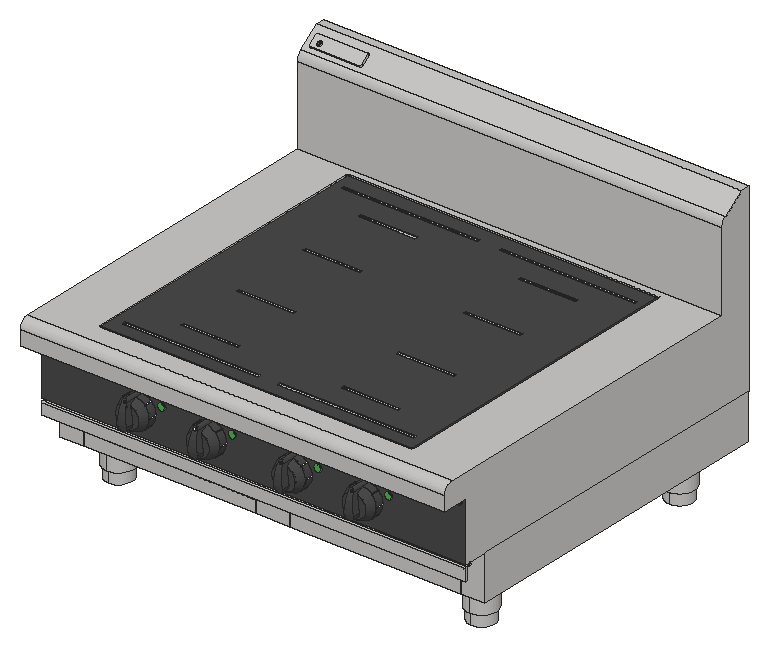
Revit family "QF_Moffat_INB8400F-B_Induction_Cooktop_cat", category Specialty Equipment, Revit 2019
Family settings
  Round Connector Dimension = Use Diameter
  Part Type = Normal
  Work Plane-Based = No
  Always vertical = Yes
  Cut with Voids When Loaded = No
  Shared = No
  Room Calculation Point = No
Parameters (values of type "INB8400F-B_415/60/3")
  Weight in Kilograms = 105
  Watts = 20000 W
  Volts = 415 V
  URL Cutsheet = ""
  Specification by User = ""
  Specification by Manufacturer = ""
  Show Logo [instance] = yes
  Serial Number = ""
  Seismic Rating = ""
  SMACNA No = ""
  Revision Code = ""
  Phase = 3
  Number of Poles = 1
  NAFEM Spec ID Number = ""
  Model = "INB8400F-B"
  Min Ckt Ampacity = 0 A
  Max Overcurrent Protection = 0 A
  Masterspec = ""
  Manufacturer = "Moffat"
  Length = 900 mm
  Item Number = ""
  Installed By = ""
  Identify Quantity as Lot = yes
  Height = 570 mm
  HP = ""
  Furnished By = ""
  Foodservice Equipment Identifier = yes
  FL Amps = 28 A
  Electrical Remarks = ""
  Electric Connection Type = ""
  Elec Conn RI Height = 0 mm
  Elec Conn Connection Height = 0 mm
  Description = "Induction Cooktop"
  Depth = 805 mm
  Cycle = 60 Hz
  Conn Plug = ""
  Conn Conduit = yes
  CSI MasterFormat = ""
  Apparent Power = 19376 VA
Types (2, lengths in mm): name | Volts | Cycle
  INB8400F-B_415/60/3 | 415 V | 60 Hz
  INB8400F-B_400/50/3 | 400 V | 50 Hz
Reference planes
  plane 1 "BACK": y = 0
  plane 2: z = 0
  plane 3 "LEFT": x = 0
  plane 4 "RIGHT": x = 900
  plane 5 "FRONT": y = -805
  plane 6 "TOP": z = 570
  plane 7 "Center Y": x = 450
  plane 8 "Center X": y = -402.5
  plane 9: x = 65.5
  plane 10: y = -30
  plane 11: x = 770
  plane 12: z = 85
  plane 13: y = -100
  plane 14: y = -625
  plane 15: y = -70
  plane 16: z = 355
  plane 17: z = 75
  plane 18: x = 834.5
Forms (mm)
  Extrusion 1, solid, material "QF_Metal_Stainless_Polished"
    sketch origin (0, 0, 0) x (0, 1, 0) y (0, 0, 1)
      loop
        line (0, 180) -> (0, 570) -> (-18.182, 570) -> (-60.863, 538.99)
        arc (-60.863, 538.99) -> (-67.584, 531.121) -> (-70, 521.058) r 22.165
        line (-70, 521.058) -> (-70, 355) -> (-784.417, 355)
        arc (-784.417, 355) -> (-798.971, 348.971) -> (-805, 334.417) r 20.583
        line (-805, 334.417) -> (-805, 305) -> (-749, 305) -> (-749, 180) -> (0, 180)
    from 0 to 900
  Extrusion 2, void
    sketch origin (0, -784.171, 355) x (0, 1, 0) y (-1, 0, 0)
      loop
        arc (699.341, -122.382) -> (697.584, -118.139) -> (693.341, -116.382) r 6
        line (693.341, -116.382) -> (45.245, -116.382)
        arc (45.245, -116.382) -> (41.002, -118.139) -> (39.245, -122.382) r 6
        line (39.245, -122.382) -> (39.245, -777.618)
        arc (39.245, -777.618) -> (41.002, -781.861) -> (45.245, -783.618) r 6
        line (45.245, -783.618) -> (693.341, -783.618)
        arc (693.341, -783.618) -> (697.584, -781.861) -> (699.341, -777.618) r 6
        line (699.341, -777.618) -> (699.341, -122.382)
    from 0 to -9.5
  Extrusion 3, solid, material "QF_Plastic_Black_Smooth"
    sketch origin (0, -784.171, 355) x (0, 1, 0) y (-1, 0, 0)
      loop
        line (695.341, -777.618) -> (695.341, -122.382)
        arc (695.341, -122.382) -> (694.755, -120.968) -> (693.341, -120.382) r 2
        line (693.341, -120.382) -> (45.245, -120.382)
        arc (45.245, -120.382) -> (43.831, -120.968) -> (43.245, -122.382) r 2
        line (43.245, -122.382) -> (43.245, -777.618)
        arc (43.245, -777.618) -> (43.831, -779.032) -> (45.245, -779.618) r 2
        line (45.245, -779.618) -> (693.341, -779.618)
        arc (693.341, -779.618) -> (694.755, -779.032) -> (695.341, -777.618) r 2
      loop
        line (663.444, -138.924) -> (657.444, -138.924) -> (657.444, -426.076) -> (663.444, -426.076) -> (663.444, -138.924)
      loop
        line (78.838, -141.424) -> (72.838, -141.424) -> (72.838, -428.576) -> (78.838, -428.576) -> (78.838, -141.424)
      loop
        line (663.444, -761.076) -> (663.444, -473.924) -> (657.444, -473.924) -> (657.444, -761.076) -> (663.444, -761.076)
      loop
        line (78.838, -758.576) -> (78.838, -471.424) -> (72.838, -471.424) -> (72.838, -758.576) -> (78.838, -758.576)
      loop
        line (600.671, -220) -> (600.671, -340) -> (606.671, -340) -> (606.671, -220) -> (600.671, -220)
      loop
        line (454.421, -220) -> (454.421, -340) -> (460.421, -340) -> (460.421, -220) -> (454.421, -220)
      loop
        line (283.728, -340) -> (283.728, -220) -> (277.728, -220) -> (277.728, -340) -> (283.728, -340)
      loop
        line (136.404, -340) -> (136.404, -220) -> (130.404, -220) -> (130.404, -340) -> (136.404, -340)
      loop
        line (600.671, -680) -> (606.671, -680) -> (606.671, -560) -> (600.671, -560) -> (600.671, -680)
      loop
        line (454.421, -680) -> (460.421, -680) -> (460.421, -560) -> (454.421, -560) -> (454.421, -680)
      loop
        line (283.728, -560) -> (277.728, -560) -> (277.728, -680) -> (283.728, -680) -> (283.728, -560)
      loop
        line (136.404, -560) -> (130.404, -560) -> (130.404, -680) -> (136.404, -680) -> (136.404, -560)
    from 0 to -9.5
  Extrusion 4, solid, material "QF_Metal_Stainless_Polished"
    sketch origin (0, 0, 40) x (0, 1, 0) y (0, 0, 1)
      loop
        line (-739.467, 140) -> (-738.192, 134.838)
        arc (-738.192, 134.838) -> (-738.307, 134.302) -> (-738.799, 134.063) r 0.625
        line (-738.799, 134.063) -> (-746.111, 134.063)
        arc (-746.111, 134.063) -> (-748.011, 133.276) -> (-748.797, 131.377) r 2.686
        line (-748.797, 131.377) -> (-748.797, 107.627) -> (-747.197, 107.627) -> (-747.197, 131.242)
        arc (-747.197, 131.242) -> (-746.84, 132.105) -> (-745.976, 132.463) r 1.221
        line (-745.976, 132.463) -> (-738.755, 132.463)
        arc (-738.755, 132.463) -> (-737.028, 133.304) -> (-736.625, 135.182) r 2.194
        line (-736.625, 135.182) -> (-737.815, 140) -> (-739.467, 140)
    from 0 to 900
  Extrusion 5, solid, material "QF_Plastic_Black_Smooth"
    sketch origin (0, -749, 181.875) x (0, 0, 1) y (-1, 0, 0)
      loop
        circle (112.843, -13.157) r 5
      loop
        circle (112.843, -886.843) r 5
    from 0 to 1.6
  Extrusion 6, solid, material "QF_Metal_Stainless_Polished"
    sketch origin (450, -699, 85) x (0, 1, 0) y (1, 0, 0)
      loop
        circle (669, 320) r 6.35
    from 0 to 10
  Extrusion 7, solid, material "QF_Metal_Stainless_Polished"
    sketch origin (0, -699, 85) x (1, 0, 0) y (0, -1, 0)
      loop
        line (0, -699) -> (900, -699) -> (900, 0) -> (849.2, 0) -> (849.2, -25.4) -> (485.8, -25.4) -> (485.8, 0) -> (414.2, 0) -> (414.2, -25.4) -> (50.8, -25.4) -> (50.8, 0) -> (0, 0) -> (0, -699)
    from 0 to -95
  Extrusion 8, solid, material "QF_Metal_Stainless_Polished"
    sketch origin (50.8, -30, 85) x (0, 1, 0) y (0, 0, 1)
      loop
        line (-669, 0) -> (-643.6, 0) -> (-643.6, 26.45) -> (-669, 26.45) -> (-669, 0)
      loop
        line (-669, 32.45) -> (-643.6, 32.45) -> (-643.6, 66.4) -> (-669, 66.4) -> (-669, 32.45)
      loop
        line (-669, 67.4) -> (-643.6, 67.4) -> (-643.6, 95) -> (-669, 95) -> (-669, 67.4)
    from 0 to 363.4
  Revolve 9, solid, material "QF_Metal_Stainless_Polished"
    sketch origin (65.5, -4572, -304.8) x (0, 0, -1) y (0, -1, 0)
      loop
        line (-304.8, -4499.5) -> (-304.8, -4472) -> (-389.8, -4472) -> (-389.8, -4503.75) -> (-329.8, -4503.75) -> (-329.8, -4499.5) -> (-304.8, -4499.5)
      axis (-389.8, -4472) -> (-304.8, -4472)
    angle from 0 to 360
  Revolve 10, solid, material "QF_Metal_Stainless_Polished"
    sketch origin (65.5, -4572, -304.8) x (0, 0, -1) y (0, -1, 0)
      loop
        line (-304.8, -3974.5) -> (-304.8, -3947) -> (-389.8, -3947) -> (-389.8, -3978.75) -> (-329.8, -3978.75) -> (-329.8, -3974.5) -> (-304.8, -3974.5)
      axis (-389.8, -3947) -> (-304.8, -3947)
    angle from 0 to 360
  Revolve 11, solid, material "QF_Metal_Stainless_Polished"
    sketch origin (834.5, -4572, -304.8) x (0, 0, -1) y (0, 1, 0)
      loop
        line (-304.8, 4499.5) -> (-329.8, 4499.5) -> (-329.8, 4503.75) -> (-389.8, 4503.75) -> (-389.8, 4472) -> (-304.8, 4472) -> (-304.8, 4499.5)
      axis (-389.8, 4472) -> (-304.8, 4472)
    angle from 0 to 360
  Revolve 12, solid, material "QF_Metal_Stainless_Polished"
    sketch origin (834.5, -4572, -304.8) x (0, 0, -1) y (0, 1, 0)
      loop
        line (-304.8, 3974.5) -> (-329.8, 3974.5) -> (-329.8, 3978.75) -> (-389.8, 3978.75) -> (-389.8, 3947) -> (-304.8, 3947) -> (-304.8, 3974.5)
      axis (-389.8, 3947) -> (-304.8, 3947)
    angle from 0 to 360
  Extrusion 13, solid, material "QF_Metal_Stainless_Polished"
    sketch origin (900, 0, 0) x (-1, 0, 0) y (0, -1, 0)
      loop
        line (761.076, 126.726) -> (473.924, 126.726) -> (473.924, 120.726) -> (761.076, 120.726) -> (761.076, 126.726)
      loop
        line (680, 183.5) -> (560, 183.5) -> (560, 177.5) -> (680, 177.5) -> (680, 183.5)
      loop
        line (680, 329.75) -> (560, 329.75) -> (560, 323.75) -> (680, 323.75) -> (680, 329.75)
      loop
        line (680, 506.443) -> (560, 506.443) -> (560, 500.443) -> (680, 500.443) -> (680, 506.443)
      loop
        line (680, 653.766) -> (560, 653.766) -> (560, 647.766) -> (680, 647.766) -> (680, 653.766)
      loop
        line (758.576, 711.333) -> (471.424, 711.333) -> (471.424, 705.333) -> (758.576, 705.333) -> (758.576, 711.333)
      loop
        line (138.924, 126.726) -> (138.924, 120.726) -> (426.076, 120.726) -> (426.076, 126.726) -> (138.924, 126.726)
      loop
        line (220, 183.5) -> (220, 177.5) -> (340, 177.5) -> (340, 183.5) -> (220, 183.5)
      loop
        line (220, 329.75) -> (220, 323.75) -> (340, 323.75) -> (340, 329.75) -> (220, 329.75)
      loop
        line (220, 506.443) -> (220, 500.443) -> (340, 500.443) -> (340, 506.443) -> (220, 506.443)
      loop
        line (220, 653.766) -> (220, 647.766) -> (340, 647.766) -> (340, 653.766) -> (220, 653.766)
      loop
        line (141.424, 711.333) -> (141.424, 705.333) -> (428.576, 705.333) -> (428.576, 711.333) -> (141.424, 711.333)
    from 355 to 345.5
  Extrusion 14, solid, material "QF_Paint_Green"
    sketch origin (123.231, -748.999, 153.75) x (0, 0, 1) y (-1, 0, 0)
      loop
        circle (100.3, -282.5) r 7.15
    from 0 to 1.6
  Extrusion 15, solid, material "QF_Plastic_Black_Smooth"
    sketch origin (135, -748.999, 165.625) x (0, 0, 1) y (-1, 0, 0)
      loop
        circle (112.843, -225) r 5
    from 0 to 1.6
  Extrusion 16, solid, material "QF_Paint_Green"
    sketch origin (-26.769, -748.999, 153.75) x (0, 0, 1) y (-1, 0, 0)
      loop
        circle (100.3, -282.5) r 7.15
    from 0 to 1.6
  Extrusion 17, solid, material "QF_Plastic_Black_Smooth"
    sketch origin (-15, -748.999, 165.625) x (0, 0, 1) y (-1, 0, 0)
      loop
        circle (112.843, -225) r 5
    from 0 to 1.6
  Extrusion 18, solid, material "QF_Paint_Green"
    sketch origin (454.481, -748.999, 153.75) x (0, 0, 1) y (-1, 0, 0)
      loop
        circle (100.3, -282.5) r 7.15
    from 0 to 1.6
  Extrusion 19, solid, material "QF_Plastic_Black_Smooth"
    sketch origin (466.25, -748.999, 165.625) x (0, 0, 1) y (-1, 0, 0)
      loop
        circle (112.843, -225) r 5
    from 0 to 1.6
  Extrusion 20, solid, material "QF_Paint_Green"
    sketch origin (304.481, -748.999, 153.75) x (0, 0, 1) y (-1, 0, 0)
      loop
        circle (100.3, -282.5) r 7.15
    from 0 to 1.6
  Extrusion 21, solid, material "QF_Plastic_Black_Smooth"
    sketch origin (316.25, -748.999, 165.625) x (0, 0, 1) y (-1, 0, 0)
      loop
        circle (112.843, -225) r 5
    from 0 to 1.6
  Extrusion 22, solid, material "QF_Metal_Stainless_Polished"
    sketch origin (849.2, -30, 85) x (0, 1, 0) y (0, 0, -1)
      loop
        line (-669, 0) -> (-669, -26.45) -> (-643.6, -26.45) -> (-643.6, 0) -> (-669, 0)
      loop
        line (-669, -32.45) -> (-669, -66.4) -> (-643.6, -66.4) -> (-643.6, -32.45) -> (-669, -32.45)
      loop
        line (-669, -67.4) -> (-669, -95) -> (-643.6, -95) -> (-643.6, -67.4) -> (-669, -67.4)
    from 0 to 363.4
Cuts and joins
  Extrusion 2 cuts Extrusion 1
Lines and regions (mm)
  symbolic lines
    curve 1: line (0, 0, 0) -> (900, 0, 0)
    curve 2: line (0, -805, 0) -> (0, 0, 0)
    curve 3: line (900, -805, 0) -> (0, -805, 0)
    curve 4: line (900, 0, 0) -> (900, -805, 0)
    curve 5: line (0, -18.182, 0) -> (900, -18.182, 0)
    curve 6: line (0, -70, 0) -> (900, -70, 0)
    curve 7: line (122.382, -84.83, 0) -> (777.618, -84.83, 0)
    curve 8: arc (777.618, -84.83, 0) -> (781.861, -86.587, 0) -> (783.618, -90.83, 0) r 6
    curve 9: line (783.618, -90.83, 0) -> (783.618, -738.926, 0)
    curve 10: arc (783.618, -738.926, 0) -> (781.861, -743.168, 0) -> (777.618, -744.926, 0) r 6
    curve 11: line (777.618, -744.926, 0) -> (122.382, -744.926, 0)
    curve 12: arc (122.382, -744.926, 0) -> (118.139, -743.168, 0) -> (116.382, -738.926, 0) r 6
    curve 13: line (116.382, -738.926, 0) -> (116.382, -90.83, 0)
    curve 14: arc (116.382, -90.83, 0) -> (118.139, -86.587, 0) -> (122.382, -84.83, 0) r 6
    curve 15: line (777.618, -88.83, 0) -> (122.382, -88.83, 0)
    curve 16: arc (122.382, -88.83, 0) -> (120.968, -89.415, 0) -> (120.382, -90.83, 0) r 2
    curve 17: line (120.382, -90.83, 0) -> (120.382, -738.926, 0)
    curve 18: arc (120.382, -738.926, 0) -> (120.968, -740.34, 0) -> (122.382, -740.926, 0) r 2
    curve 19: line (122.382, -740.926, 0) -> (777.618, -740.926, 0)
    curve 20: arc (777.618, -740.926, 0) -> (779.032, -740.34, 0) -> (779.618, -738.926, 0) r 2
    curve 21: line (779.618, -738.926, 0) -> (779.618, -90.83, 0)
    curve 22: arc (779.618, -90.83, 0) -> (779.032, -89.415, 0) -> (777.618, -88.83, 0) r 2
    curve 23: line (783.618, -738.926, 0) -> (783.618, -90.83, 0)
    curve 24: line (779.618, -90.83, 0) -> (779.618, -738.926, 0)
    curve 25: line (138.924, -126.726, 0) -> (426.076, -126.726, 0)
    curve 26: line (426.076, -126.726, 0) -> (426.076, -120.726, 0)
    curve 27: line (426.076, -120.726, 0) -> (138.924, -120.726, 0)
    curve 28: line (138.924, -120.726, 0) -> (138.924, -126.726, 0)
    curve 29: line (220, -183.5, 0) -> (340, -183.5, 0)
    curve 30: line (340, -183.5, 0) -> (340, -177.5, 0)
    curve 31: line (340, -177.5, 0) -> (220, -177.5, 0)
    curve 32: line (220, -177.5, 0) -> (220, -183.5, 0)
    curve 33: line (220, -329.75, 0) -> (340, -329.75, 0)
    curve 34: line (340, -329.75, 0) -> (340, -323.75, 0)
    curve 35: line (340, -323.75, 0) -> (220, -323.75, 0)
    curve 36: line (220, -323.75, 0) -> (220, -329.75, 0)
    curve 37: line (220, -506.443, 0) -> (340, -506.443, 0)
    curve 38: line (340, -506.443, 0) -> (340, -500.443, 0)
    curve 39: line (340, -500.443, 0) -> (220, -500.443, 0)
    curve 40: line (220, -500.443, 0) -> (220, -506.443, 0)
    curve 41: line (220, -653.766, 0) -> (340, -653.766, 0)
    curve 42: line (340, -653.766, 0) -> (340, -647.766, 0)
    curve 43: line (340, -647.766, 0) -> (220, -647.766, 0)
    curve 44: line (220, -647.766, 0) -> (220, -653.766, 0)
    curve 45: line (141.424, -711.333, 0) -> (428.576, -711.333, 0)
    curve 46: line (428.576, -711.333, 0) -> (428.576, -705.333, 0)
    curve 47: line (428.576, -705.333, 0) -> (141.424, -705.333, 0)
    curve 48: line (141.424, -705.333, 0) -> (141.424, -711.333, 0)
    curve 49: line (471.424, -711.333, 0) -> (758.576, -711.333, 0)
    curve 50: line (758.576, -711.333, 0) -> (758.576, -705.333, 0)
    curve 51: line (758.576, -705.333, 0) -> (471.424, -705.333, 0)
    curve 52: line (471.424, -705.333, 0) -> (471.424, -711.333, 0)
    curve 53: line (680, -653.766, 0) -> (560, -653.766, 0)
    curve 54: line (560, -653.766, 0) -> (560, -647.766, 0)
    curve 55: line (560, -647.766, 0) -> (680, -647.766, 0)
    curve 56: line (680, -647.766, 0) -> (680, -653.766, 0)
    curve 57: line (560, -506.443, 0) -> (680, -506.443, 0)
    curve 58: line (680, -506.443, 0) -> (680, -500.443, 0)
    curve 59: line (680, -500.443, 0) -> (560, -500.443, 0)
    curve 60: line (560, -500.443, 0) -> (560, -506.443, 0)
    curve 61: line (560, -329.75, 0) -> (680, -329.75, 0)
    curve 62: line (680, -329.75, 0) -> (680, -323.75, 0)
    curve 63: line (680, -323.75, 0) -> (560, -323.75, 0)
    curve 64: line (560, -323.75, 0) -> (560, -329.75, 0)
    curve 65: line (680, -177.5, 0) -> (560, -177.5, 0)
    curve 66: line (560, -177.5, 0) -> (560, -183.5, 0)
    curve 67: line (560, -183.5, 0) -> (680, -183.5, 0)
    curve 68: line (680, -183.5, 0) -> (680, -177.5, 0)
    curve 69: line (473.924, -126.726, 0) -> (761.076, -126.726, 0)
    curve 70: line (761.076, -126.726, 0) -> (761.076, -120.726, 0)
    curve 71: line (761.076, -120.726, 0) -> (473.924, -120.726, 0)
    curve 72: line (473.924, -120.726, 0) -> (473.924, -126.726, 0)
Dimensions and locks
  equal spacing: plane 3 "LEFT", plane 7 "Center Y", plane 4 "RIGHT"
  "Length": plane 3 "LEFT" to plane 4 "RIGHT"
  equal spacing: plane 5 "FRONT", plane 8 "Center X", plane 1 "BACK"
  "Depth": plane 5 "FRONT" to plane 1 "BACK"
  "Height": plane 6 "TOP" to level
  plane 4 "RIGHT" to plane 3 "LEFT" = 900 mm
  plane 1 "BACK" to plane 5 "FRONT" = 805 mm
  plane 6 "TOP" to plane 2 = 570 mm
  locked: plane 11 to plane 4 "RIGHT" at 130
  plane 1 "BACK" to plane 10 = 30 mm
  plane 1 "BACK" to plane 13 to plane 14 = 100 mm, 525 mm
  plane 1 "BACK" to plane 15 = 70 mm
  plane 16 to level = 355 mm
  level to plane 12 = 85 mm
  plane 17 to level = 75 mm
  plane 11 to plane 4 "RIGHT" = 130 mm
  plane 18 to plane 9 = 769 mm
  locked: plane 4 "RIGHT" to plane 18 at 65.5
  aligned and locked: level to plane 2
  aligned and locked: plane 18 to Revolve 12
  aligned and locked: plane 18 to Revolve 11
  aligned and locked: Extrusion 7 sketch curve to plane 4 "RIGHT"
  aligned and locked: Extrusion 4 to plane 4 "RIGHT"
  aligned and locked: Extrusion 22 to Extrusion 7  (x2)
Automatic sketch dimensions
  Extrusion 1 sketch curve to plane 5 "FRONT" = 0 mm
  Extrusion 1 sketch curve to plane 16 = 0 mm
  Extrusion 1 sketch curve to plane 15 = 0 mm
  Extrusion 1 sketch curve to plane 6 "TOP" = 0 mm
  Extrusion 1 sketch curve to plane 1 "BACK" = 0 mm
  Extrusion 1 sketch curve to plane 5 "FRONT" = 20.583 mm
  Extrusion 1 sketch curve to plane 5 "FRONT" = 56 mm
  Extrusion 1 sketch curve to plane 15 = 9.137 mm
  plane 10 to Extrusion 1 sketch curve = 17.835 mm
  Extrusion 1 sketch curve to plane 10 = 11.818 mm
  Extrusion 1 sketch curve to Extrusion 1 sketch curve = 29.417 mm
  Extrusion 1 sketch curve to plane 12 = 95 mm
  Extrusion 1 sketch curve to plane 6 "TOP" = 48.942 mm
  Extrusion 2 sketch curve to Extrusion 1 = 39.492 mm
  Extrusion 2 sketch curve to Extrusion 2 sketch curve = 6 mm  (x3)
  Extrusion 1 to Extrusion 2 sketch curve = 20.83 mm  (x2)
  Extrusion 1 to Extrusion 2 sketch curve = 116.382 mm
  Extrusion 1 to Extrusion 2 sketch curve = 122.382 mm
  Extrusion 3 sketch curve to Extrusion 1 = 43.492 mm
  Extrusion 3 sketch curve to Extrusion 3 sketch curve = 2 mm  (x3)
  Extrusion 3 sketch curve to Extrusion 1 = 73.085 mm
  Extrusion 3 sketch curve to Extrusion 3 sketch curve = 0 mm  (x5)
  Extrusion 3 sketch curve to Extrusion 3 sketch curve = 6 mm  (x12)
  Extrusion 3 sketch curve to Extrusion 3 sketch curve = 51.566 mm  (x2)
  Extrusion 3 sketch curve to Extrusion 3 sketch curve = 141.323 mm  (x2)
  Extrusion 3 sketch curve to Extrusion 3 sketch curve = 170.693 mm  (x2)
  Extrusion 1 to Extrusion 3 sketch curve = 113.5 mm  (x2)
  Extrusion 1 to Extrusion 3 sketch curve = 56.726 mm
  Extrusion 1 to Extrusion 3 sketch curve = 20.83 mm  (x2)
  Extrusion 1 to Extrusion 3 sketch curve = 120.382 mm
  Extrusion 3 sketch curve to Extrusion 3 sketch curve = 16.542 mm
  Extrusion 3 sketch curve to Extrusion 3 sketch curve = 19.042 mm  (x2)
  Extrusion 3 sketch curve to Extrusion 3 sketch curve = 81.076 mm  (x2)
  Extrusion 3 sketch curve to Extrusion 3 sketch curve = 78.576 mm  (x3)
  Extrusion 3 sketch curve to Extrusion 3 sketch curve = 120 mm  (x8)
  Extrusion 3 sketch curve to Extrusion 3 sketch curve = 86.076 mm  (x2)
  Extrusion 3 sketch curve to Extrusion 3 sketch curve = 88.576 mm  (x2)
  Extrusion 3 sketch curve to Extrusion 3 sketch curve = 42.848 mm
  Extrusion 3 sketch curve to Extrusion 3 sketch curve = 47.848 mm
  Extrusion 4 sketch curve to plane 5 "FRONT" = 56.203 mm
  Extrusion 4 sketch curve to Extrusion 4 sketch curve = 1.6 mm
  Extrusion 4 sketch curve to Extrusion 4 sketch curve = 1.086 mm
  Extrusion 4 sketch curve to Extrusion 4 sketch curve = 0.135 mm  (x2)
  Extrusion 4 sketch curve to Extrusion 4 sketch curve = 6.644 mm
  Extrusion 4 sketch curve to Extrusion 4 sketch curve = 0.668 mm
  Extrusion 4 sketch curve to Extrusion 4 sketch curve = 0.044 mm
  Extrusion 4 sketch curve to Extrusion 4 sketch curve = 0.563 mm
  Extrusion 4 sketch curve to Extrusion 4 sketch curve = 1.652 mm
  Extrusion 4 sketch curve to Extrusion 4 sketch curve = 1.567 mm
  Extrusion 4 sketch curve to plane 12 = 62.627 mm
  Extrusion 4 sketch curve to Extrusion 4 sketch curve = 23.614 mm
  Extrusion 4 sketch curve to Extrusion 4 sketch curve = 0.594 mm
  Extrusion 4 sketch curve to Extrusion 4 sketch curve = 0.032 mm
  Extrusion 4 sketch curve to Extrusion 4 sketch curve = 5.162 mm
  Extrusion 1 to Extrusion 5 sketch curve = 10.282 mm  (x2)
  Extrusion 1 to Extrusion 5 sketch curve = 13.157 mm  (x2)
  Extrusion 7 to Extrusion 6 sketch curve = 30 mm
  Extrusion 6 sketch curve to Extrusion 7 = 79.2 mm
  Extrusion 7 sketch curve to plane 3 "LEFT" = 0 mm
  plane 1 "BACK" to Extrusion 7 sketch curve = 0 mm
  plane 9 to Extrusion 7 sketch curve = 14.7 mm
  Extrusion 7 sketch curve to plane 7 "Center Y" = 35.8 mm
  plane 7 "Center Y" to Extrusion 7 sketch curve = 35.8 mm
  plane 18 to Extrusion 7 sketch curve = 14.7 mm
  plane 14 to Extrusion 7 sketch curve = 48.6 mm  (x2)
  Extrusion 7 sketch curve to Extrusion 7 sketch curve = 25.4 mm  (x3)
  Extrusion 8 sketch curve to Extrusion 7 = 0 mm  (x8)
  Extrusion 7 to Extrusion 8 sketch curve = 26.45 mm
  Extrusion 8 sketch curve to Extrusion 8 sketch curve = 6 mm
  Extrusion 7 to Extrusion 8 sketch curve = 28.6 mm
  Extrusion 8 sketch curve to Extrusion 8 sketch curve = 1 mm
  plane 12 to Revolve 9 sketch curve = 0 mm
  Revolve 9 sketch curve to level = 0 mm  (x2)
  Revolve 9 sketch curve to plane 13 = 0 mm  (x2)
  plane 15 to Revolve 9 sketch curve = 2.5 mm
  level to Revolve 9 sketch curve = 25 mm
  Revolve 9 sketch curve to plane 15 = 1.75 mm
  Revolve 9 sketch curve to Revolve 9 sketch curve = 25 mm
  plane 12 to Revolve 10 sketch curve = 0 mm
  Revolve 10 sketch curve to level = 0 mm  (x2)
  Revolve 10 sketch curve to plane 14 = 0 mm  (x2)
  level to Revolve 10 sketch curve = 25 mm
  Revolve 10 sketch curve to Revolve 10 sketch curve = 27.5 mm
  Revolve 10 sketch curve to Revolve 10 sketch curve = 31.75 mm
  Revolve 10 sketch curve to Revolve 10 sketch curve = 25 mm
  plane 12 to Revolve 11 sketch curve = 0 mm
  Revolve 11 sketch curve to level = 0 mm  (x2)
  Revolve 11 sketch curve to plane 13 = 0 mm  (x2)
  plane 15 to Revolve 11 sketch curve = 2.5 mm
  Revolve 11 sketch curve to Revolve 11 sketch curve = 25 mm
  Revolve 11 sketch curve to plane 15 = 1.75 mm
  Revolve 11 sketch curve to level = 25 mm
  plane 12 to Revolve 12 sketch curve = 0 mm
  Revolve 12 sketch curve to level = 0 mm  (x2)
  Revolve 12 sketch curve to plane 14 = 0 mm  (x2)
  level to Revolve 12 sketch curve = 25 mm
  Revolve 12 sketch curve to plane 14 = 27.5 mm
  Revolve 12 sketch curve to Revolve 12 sketch curve = 4.25 mm
  Revolve 12 sketch curve to Revolve 12 sketch curve = 25 mm
  Extrusion 13 sketch curve to plane 11 = 8.924 mm
  Extrusion 13 sketch curve to plane 11 = 11.424 mm
  Extrusion 13 sketch curve to plane 14 = 28.766 mm  (x2)
  Extrusion 13 sketch curve to plane 11 = 90 mm  (x4)
  Extrusion 13 sketch curve to plane 7 "Center Y" = 110 mm  (x4)
  Extrusion 13 sketch curve to plane 14 = 22.766 mm
  Extrusion 13 sketch curve to plane 7 "Center Y" = 23.924 mm
  Extrusion 13 sketch curve to plane 7 "Center Y" = 21.424 mm
  plane 7 "Center Y" to Extrusion 13 sketch curve = 21.424 mm
  plane 7 "Center Y" to Extrusion 13 sketch curve = 23.924 mm
  plane 7 "Center Y" to Extrusion 13 sketch curve = 110 mm  (x2)
  Extrusion 13 sketch curve to Extrusion 13 sketch curve = 88.576 mm
  Extrusion 13 sketch curve to Extrusion 13 sketch curve = 86.076 mm
  Extrusion 13 sketch curve to Extrusion 13 sketch curve = 120 mm  (x4)
  plane 9 to Extrusion 13 sketch curve = 75.924 mm
  Extrusion 13 sketch curve to plane 13 = 20.726 mm
  plane 9 to Extrusion 13 sketch curve = 73.424 mm
  Extrusion 13 sketch curve to plane 14 = 80.333 mm  (x2)
  Extrusion 13 sketch curve to Extrusion 13 sketch curve = 6 mm  (x11)
  plane 8 "Center X" to Extrusion 13 sketch curve = 103.943 mm  (x2)
  Extrusion 13 sketch curve to plane 8 "Center X" = 72.75 mm  (x2)
  Extrusion 13 sketch curve to plane 13 = 83.5 mm  (x2)
  Extrusion 13 sketch curve to plane 13 = 26.726 mm
  Extrusion 14 sketch curve to plane 7 "Center Y" = 44.269 mm
  Extrusion 14 sketch curve to plane 16 = 100.95 mm
  Extrusion 15 sketch curve to plane 16 = 76.532 mm
  Extrusion 15 sketch curve to plane 7 "Center Y" = 90 mm
  Extrusion 16 sketch curve to plane 16 = 100.95 mm
  Extrusion 16 sketch curve to plane 9 = 190.231 mm
  Extrusion 17 sketch curve to plane 16 = 76.532 mm
  Extrusion 17 sketch curve to plane 9 = 144.5 mm
  plane 11 to Extrusion 18 sketch curve = 33.019 mm
  Extrusion 18 sketch curve to plane 16 = 100.95 mm
  Extrusion 19 sketch curve to plane 16 = 76.532 mm
  plane 11 to Extrusion 19 sketch curve = 78.75 mm
  Extrusion 20 sketch curve to plane 16 = 100.95 mm
  plane 7 "Center Y" to Extrusion 20 sketch curve = 136.981 mm
  Extrusion 21 sketch curve to plane 16 = 76.532 mm
  plane 7 "Center Y" to Extrusion 21 sketch curve = 91.25 mm
  plane 12 to Extrusion 22 sketch curve = 0 mm
  plane 14 to Extrusion 22 sketch curve = 74 mm
  Extrusion 22 sketch curve to Extrusion 22 sketch curve = 0 mm  (x4)
  Extrusion 22 sketch curve to Extrusion 22 sketch curve = 25.4 mm
  Extrusion 22 sketch curve to plane 12 = 26.45 mm
  Extrusion 22 sketch curve to Extrusion 22 sketch curve = 6 mm
  Extrusion 22 sketch curve to Extrusion 22 sketch curve = 33.95 mm
  Extrusion 22 sketch curve to Extrusion 22 sketch curve = 1 mm
  Extrusion 22 sketch curve to Extrusion 22 sketch curve = 27.6 mm
  curve 8 to curve 22 = 0 mm
  curve 10 to curve 20 = 0 mm  (x2)
  curve 12 to curve 18 = 0 mm  (x2)
  curve 14 to curve 16 = 0 mm  (x2)
  plane 1 "BACK" to curve 1 = 0 mm
  curve 1 to plane 3 "LEFT" = 0 mm
  curve 6 to plane 4 "RIGHT" = 0 mm
  plane 5 "FRONT" to curve 3 = 0 mm
  plane 15 to curve 6 = 0 mm
  curve 13 to plane 9 = 50.882 mm
  curve 13 to curve 17 = 4 mm
  curve 17 to curve 16 = 2 mm
  curve 17 to curve 18 = 2 mm
  curve 14 to curve 25 = 16.542 mm
  curve 18 to curve 48 = 19.042 mm
  curve 40 to plane 9 = 154.5 mm
  plane 14 to curve 44 = 22.766 mm
  curve 47 to curve 44 = 78.576 mm
  curve 25 to curve 29 = 81.076 mm
  plane 8 "Center X" to curve 36 = 72.75 mm
  curve 36 to curve 29 = 0 mm
  curve 34 to plane 7 "Center Y" = 110 mm
  curve 37 to plane 7 "Center Y" = 110 mm
  plane 14 to curve 41 = 28.766 mm
  curve 41 to plane 7 "Center Y" = 110 mm
  curve 31 to plane 7 "Center Y" = 110 mm
  curve 26 to plane 7 "Center Y" = 23.924 mm
  curve 46 to plane 7 "Center Y" = 21.424 mm
  plane 7 "Center Y" to curve 52 = 21.424 mm
  plane 7 "Center Y" to curve 72 = 23.924 mm
  curve 69 to curve 67 = 86.076 mm
  plane 7 "Center Y" to curve 64 = 110 mm
  plane 7 "Center Y" to curve 60 = 110 mm
  plane 14 to curve 55 = 22.766 mm
  curve 51 to curve 55 = 88.576 mm
  plane 11 to curve 63 = 90 mm
  plane 11 to curve 65 = 90 mm
  plane 11 to curve 59 = 90 mm
  plane 14 to curve 56 = 28.766 mm
  plane 11 to curve 56 = 90 mm
  plane 11 to curve 50 = 11.424 mm
  plane 11 to curve 69 = 8.924 mm
  curve 19 to plane 11 = 7.618 mm
  curve 8 to plane 11 = 7.618 mm
  curve 8 to curve 24 = 2 mm
  curve 11 to plane 5 "FRONT" = 60.074 mm
  curve 10 to curve 50 = 27.593 mm
  curve 18 to curve 45 = 27.593 mm
  curve 45 to curve 47 = 6 mm
  curve 49 to curve 51 = 6 mm
  curve 60 to plane 8 "Center X" = 103.943 mm
  curve 40 to plane 8 "Center X" = 103.943 mm
  curve 57 to curve 59 = 6 mm
  curve 37 to curve 40 = 6 mm
  plane 8 "Center X" to curve 62 = 72.75 mm
  curve 61 to curve 64 = 6 mm
  curve 33 to curve 34 = 6 mm
  plane 13 to curve 29 = 83.5 mm
  plane 13 to curve 67 = 83.5 mm
  curve 29 to curve 31 = 6 mm
  curve 67 to curve 68 = 6 mm
  plane 13 to curve 25 = 26.726 mm
  plane 13 to curve 72 = 26.726 mm
  curve 25 to curve 28 = 6 mm
  curve 69 to curve 71 = 6 mm
  curve 21 to plane 13 = 9.17 mm
  curve 5 to plane 10 = 11.818 mm
  radius of Extrusion 5 sketch curve = 5 mm  (x2)
  radius of Extrusion 6 sketch curve = 6.35 mm
  radius of Extrusion 14 sketch curve = 7.15 mm
  radius of Extrusion 15 sketch curve = 5 mm
  radius of Extrusion 16 sketch curve = 7.15 mm
  radius of Extrusion 17 sketch curve = 5 mm
  radius of Extrusion 18 sketch curve = 7.15 mm
  radius of Extrusion 19 sketch curve = 5 mm
  radius of Extrusion 20 sketch curve = 7.15 mm
  radius of Extrusion 21 sketch curve = 5 mm
Nested families
  nested 1: "QF_LOGO_Waldorf" at (12, -52.35, 545.175), visible <- "Show Logo", type "QF_LOGO_Waldorf"
  nested 2: "Knob" at (327.5, -739.499, 200.75), type "Knob"
  nested 3: "Knob" at (177.5, -739.499, 200.75), type "Knob"
  nested 4: "Knob" at (658.75, -739.499, 200.75), type "Knob"
  nested 5: "Knob" at (508.75, -739.499, 200.75), type "Knob"
Connectors
  electrical at (770, -30, 75), driven by "Volts", driven by "Watts"
    settings: on Extrusion 6, index 3, voltage 415 V, apparent load 20000 VA, apparent load phase1 0 VA, apparent load phase2 0 VA, apparent load phase3 0 VA, power factor 1, load classification "Other", number of poles 1, system type 30, power factor state 1, is connector primary yes, connector utility no, sub classification motor no, connector description "ELECTRICAL CONNECTION"
Definition of nested family "QF_LOGO_Waldorf"
  Parameters (values of type "QF_LOGO_Waldorf")
    Weight in Pounds = 0
    URL Cutsheet = ""
    Specification by User = ""
    Specification by Manufacturer = ""
    Serial Number = ""
    Seismic Rating = ""
    SMACNA No = ""
    Revision Code = ""
    NAFEM Spec ID Number = ""
    Masterspec = ""
    Length = 138 mm
    Item Number = ""
    Installed By = ""
    Identify Quantity as Lot = yes
    Height = 26.711 mm
    Furnished By = ""
    Foodservice Equipment Identifier = yes
    Depth = 3.175 mm
    CSI MasterFormat = ""
  Reference planes
    plane 1 "BACK": y = 0
    plane 2: z = 0
    plane 3 "LEFT": x = 0
    plane 4 "RIGHT": x = 138
    plane 5 "FRONT": y = -3.175
    plane 6 "TOP": z = 26.711
    plane 7 "Center Y": x = 69
    plane 8 "Center X": y = -1.587
  Forms (mm)
    Extrusion 1, solid
      sketch origin (0, 0, 0) x (1, 0, 0) y (0, 0.809017, 0.587785)
        loop
          line (109, 3.464) -> (109, 23.247)
          spline (109, 23.247) -> (108.966, 23.699) -> (108.864, 24.143) -> (108.696, 24.572) -> (108.464, 24.979) -> (108.173, 25.355) -> (107.828, 25.696) -> (107.435, 25.995) -> (107, 26.247) -> (106.531, 26.447) -> (106.035, 26.593) -> (105.522, 26.681) -> (105, 26.711)
          line (105, 26.711) -> (4, 26.711)
          spline (4, 26.711) -> (3.478, 26.681) -> (2.965, 26.593) -> (2.469, 26.447) -> (2, 26.247) -> (1.565, 25.995) -> (1.172, 25.696) -> (0.827, 25.355) -> (0.536, 24.979) -> (0.304, 24.572) -> (0.136, 24.143) -> (0.034, 23.699) -> (0, 23.247)
          line (0, 23.247) -> (0, 3.464)
          spline (0, 3.464) -> (0.034, 3.012) -> (0.136, 2.568) -> (0.304, 2.138) -> (0.536, 1.732) -> (0.827, 1.355) -> (1.172, 1.015) -> (1.565, 0.716) -> (2, 0.464) -> (2.469, 0.264) -> (2.965, 0.118) -> (3.478, 0.03) -> (4, 0)
          line (4, 0) -> (105, 0)
          spline (105, 0) -> (105.522, 0.03) -> (106.035, 0.118) -> (106.531, 0.264) -> (107, 0.464) -> (107.435, 0.716) -> (107.828, 1.015) -> (108.173, 1.355) -> (108.464, 1.732) -> (108.696, 2.138) -> (108.864, 2.568) -> (108.966, 3.012) -> (109, 3.464)
        loop
          line (14.75, 7.005) -> (14.75, 15.654)
          arc (14.75, 15.654) -> (10.425, 11.329) -> (14.75, 7.005) r 4.325
        loop
          line (15.25, 15.654) -> (15.25, 7.005)
          arc (15.25, 7.005) -> (19.575, 11.329) -> (15.25, 15.654) r 4.325
      from 0 to 3.2
    Extrusion 2, solid
      sketch origin (0, 0, 0) x (1, 0, 0) y (0, 0.809017, 0.587785)
        loop
          line (15.25, 15.654) -> (15.25, 7.005)
          arc (15.25, 7.005) -> (19.575, 11.329) -> (15.25, 15.654) r 4.325
      from 0 to 3.2
    Extrusion 3, solid
      sketch origin (16.271, 0, 0) x (-1, 0, 0) y (0, -0.809017, -0.587785)
        loop
          arc (1.521, -15.654) -> (5.846, -11.329) -> (1.521, -7.005) r 4.325
          line (1.521, -7.005) -> (1.521, -15.654)
      from 0 to 3.2
  Lines and regions (mm)
    Split face 1
      outline origin (0, -1.881, 2.589) x (1, 0, 0) y (0, 0.809017, 0.587785)
        loop
          spline (22.129, 16.975) -> (22.389, 15.984) -> (22.649, 15.002) -> (22.91, 14.028) -> (23.172, 13.065) -> (23.433, 12.11) -> (23.695, 11.166) -> (23.956, 10.232) -> (24.218, 9.308) -> (24.479, 8.396) -> (24.74, 7.495) -> (25, 6.605) -> (25.26, 5.728)
          line (25.26, 5.728) -> (29.463, 5.728)
          spline (29.463, 5.728) -> (29.582, 6.252) -> (29.701, 6.78) -> (29.82, 7.313) -> (29.939, 7.85) -> (30.058, 8.391) -> (30.178, 8.936) -> (30.297, 9.485) -> (30.416, 10.038) -> (30.536, 10.594) -> (30.655, 11.155) -> (30.775, 11.719) -> (30.894, 12.287)
          spline (30.894, 12.287) -> (31.018, 11.719) -> (31.142, 11.155) -> (31.266, 10.594) -> (31.39, 10.038) -> (31.514, 9.485) -> (31.638, 8.936) -> (31.762, 8.391) -> (31.885, 7.85) -> (32.009, 7.313) -> (32.133, 6.78) -> (32.256, 6.252) -> (32.379, 5.728)
          line (32.379, 5.728) -> (36.51, 5.728)
          spline (36.51, 5.728) -> (36.766, 6.605) -> (37.023, 7.495) -> (37.28, 8.396) -> (37.538, 9.308) -> (37.795, 10.232) -> (38.053, 11.166) -> (38.311, 12.11) -> (38.569, 13.065) -> (38.826, 14.028) -> (39.083, 15.002) -> (39.34, 15.984) -> (39.597, 16.975)
          line (39.597, 16.975) -> (35.637, 16.975)
          spline (35.637, 16.975) -> (35.523, 16.334) -> (35.41, 15.697) -> (35.296, 15.063) -> (35.182, 14.433) -> (35.068, 13.807) -> (34.954, 13.185) -> (34.84, 12.566) -> (34.726, 11.952) -> (34.612, 11.342) -> (34.497, 10.737) -> (34.383, 10.135) -> (34.269, 9.538)
          spline (34.269, 9.538) -> (34.138, 10.135) -> (34.008, 10.737) -> (33.877, 11.342) -> (33.746, 11.952) -> (33.616, 12.566) -> (33.485, 13.185) -> (33.354, 13.807) -> (33.224, 14.433) -> (33.093, 15.063) -> (32.963, 15.697) -> (32.833, 16.334) -> (32.703, 16.975)
          line (32.703, 16.975) -> (29.247, 16.975)
          spline (29.247, 16.975) -> (29.111, 16.334) -> (28.974, 15.697) -> (28.837, 15.063) -> (28.7, 14.433) -> (28.562, 13.807) -> (28.425, 13.185) -> (28.288, 12.566) -> (28.15, 11.952) -> (28.013, 11.342) -> (27.875, 10.737) -> (27.738, 10.135) -> (27.6, 9.538)
          spline (27.6, 9.538) -> (27.483, 10.135) -> (27.366, 10.737) -> (27.249, 11.342) -> (27.132, 11.952) -> (27.015, 12.566) -> (26.897, 13.185) -> (26.78, 13.807) -> (26.663, 14.433) -> (26.546, 15.063) -> (26.43, 15.697) -> (26.313, 16.334) -> (26.196, 16.975)
          line (26.196, 16.975) -> (22.129, 16.975)
    Split face 2
      outline origin (0, -1.881, 2.589) x (1, 0, 0) y (0, 0.809017, 0.587785)
        loop
          line (51.449, 5.728) -> (51.035, 6.606) -> (51.035, 11.169)
          spline (51.035, 11.169) -> (50.686, 12.42) -> (50.176, 13.224) -> (49.51, 13.708) -> (48.693, 13.995) -> (47.747, 14.152) -> (46.698, 14.207) -> (45.579, 14.186) -> (44.419, 14.114) -> (43.279, 13.929) -> (42.249, 13.481) -> (41.424, 12.614) -> (40.897, 11.169)
          line (40.897, 11.169) -> (44.617, 11.169) -> (44.988, 11.965)
          spline (44.988, 11.965) -> (47.294, 11.682) -> (46.856, 10.932) -> (45.527, 10.609) -> (43.858, 10.439) -> (42.259, 10.123) -> (41.078, 9.417) -> (40.563, 8.246) -> (40.689, 6.989) -> (41.407, 6.052) -> (42.774, 5.536) -> (44.847, 5.497) -> (47.306, 6.602)
          line (47.306, 6.602) -> (47.624, 5.728) -> (51.449, 5.728)
    Split face 3
      outline origin (0, -1.881, 2.589) x (1, 0, 0) y (0, 0.809017, 0.587785)
        loop
          line (47.264, 9.264) -> (44.938, 8.597)
          spline (44.938, 8.597) -> (44.508, 8.228) -> (44.402, 7.9) -> (44.548, 7.626) -> (44.877, 7.42) -> (45.317, 7.295) -> (45.797, 7.265) -> (46.252, 7.342) -> (46.65, 7.525) -> (46.971, 7.813) -> (47.194, 8.201) -> (47.298, 8.685) -> (47.264, 9.264)
    Split face 4
      outline origin (0, -1.881, 2.589) x (1, 0, 0) y (0, 0.809017, 0.587785)
        loop
          line (53.33, 16.975) -> (53.33, 5.728) -> (57.173, 5.728) -> (57.173, 16.975) -> (53.33, 16.975)
    Split face 5
      outline origin (0, -1.881, 2.589) x (1, 0, 0) y (0, 0.809017, 0.587785)
        loop
          line (65.795, 16.975) -> (65.795, 12.976)
          spline (65.795, 12.976) -> (63.839, 14.082) -> (62.087, 14.096) -> (60.633, 13.343) -> (59.574, 12.148) -> (58.99, 10.806) -> (58.867, 9.452) -> (59.156, 8.159) -> (59.81, 7) -> (60.786, 6.056) -> (62.111, 5.514) -> (63.868, 5.634) -> (66.137, 6.679)
          line (66.137, 6.679) -> (66.137, 5.728) -> (69.511, 5.728) -> (69.511, 16.975) -> (65.795, 16.975)
    Split face 6
      outline origin (0, -1.881, 2.589) x (1, 0, 0) y (0, 0.809017, 0.587785)
        loop
          spline (64.273, 7.499) -> (64.754, 7.57) -> (65.202, 7.777) -> (65.587, 8.106) -> (65.882, 8.535) -> (66.067, 9.034) -> (66.131, 9.57) -> (66.067, 10.106) -> (65.882, 10.605) -> (65.587, 11.034) -> (65.202, 11.363) -> (64.754, 11.57) -> (64.273, 11.64)
          spline (64.273, 11.64) -> (63.793, 11.57) -> (63.345, 11.363) -> (62.96, 11.034) -> (62.665, 10.605) -> (62.479, 10.106) -> (62.416, 9.57) -> (62.479, 9.034) -> (62.665, 8.535) -> (62.96, 8.106) -> (63.345, 7.777) -> (63.793, 7.57) -> (64.273, 7.499)
    Split face 7
      outline origin (0, -1.881, 2.589) x (1, 0, 0) y (0, 0.809017, 0.587785)
        loop
          spline (76.449, 5.305) -> (77.855, 5.457) -> (79.166, 5.901) -> (80.291, 6.607) -> (81.155, 7.527) -> (81.698, 8.599) -> (81.883, 9.749) -> (81.698, 10.899) -> (81.155, 11.97) -> (80.291, 12.891) -> (79.166, 13.597) -> (77.855, 14.041) -> (76.449, 14.192)
          spline (76.449, 14.192) -> (75.042, 14.041) -> (73.731, 13.597) -> (72.606, 12.891) -> (71.742, 11.97) -> (71.199, 10.899) -> (71.014, 9.749) -> (71.199, 8.599) -> (71.742, 7.527) -> (72.606, 6.607) -> (73.731, 5.901) -> (75.042, 5.457) -> (76.449, 5.305)
    Split face 8
      outline origin (0, -1.881, 2.589) x (1, 0, 0) y (0, 0.809017, 0.587785)
        loop
          spline (76.449, 7.654) -> (76.841, 7.725) -> (77.206, 7.934) -> (77.52, 8.267) -> (77.76, 8.701) -> (77.912, 9.206) -> (77.963, 9.749) -> (77.912, 10.291) -> (77.76, 10.796) -> (77.52, 11.23) -> (77.206, 11.563) -> (76.841, 11.772) -> (76.449, 11.843)
          spline (76.449, 11.843) -> (76.057, 11.772) -> (75.691, 11.563) -> (75.378, 11.23) -> (75.137, 10.796) -> (74.986, 10.291) -> (74.934, 9.749) -> (74.986, 9.206) -> (75.137, 8.701) -> (75.378, 8.267) -> (75.691, 7.934) -> (76.057, 7.725) -> (76.449, 7.654)
    Split face 9
      outline origin (0, -1.881, 2.589) x (1, 0, 0) y (0, 0.809017, 0.587785)
        loop
          line (86.998, 12.335) -> (86.998, 13.879) -> (83.479, 13.879) -> (83.479, 5.728) -> (87.312, 5.728) -> (87.312, 8.975)
          spline (87.312, 8.975) -> (87.364, 9.356) -> (87.458, 9.686) -> (87.594, 9.968) -> (87.769, 10.204) -> (87.982, 10.398) -> (88.229, 10.55) -> (88.509, 10.666) -> (88.82, 10.746) -> (89.16, 10.794) -> (89.525, 10.812) -> (89.915, 10.803) -> (90.327, 10.77)
          line (90.327, 10.77) -> (90.327, 14.113)
          spline (90.327, 14.113) -> (89.929, 14.127) -> (89.552, 14.111) -> (89.197, 14.066) -> (88.865, 13.991) -> (88.554, 13.887) -> (88.266, 13.754) -> (87.999, 13.591) -> (87.755, 13.399) -> (87.532, 13.177) -> (87.332, 12.926) -> (87.154, 12.645) -> (86.998, 12.335)
    Split face 10
      outline origin (0, -1.881, 2.589) x (1, 0, 0) y (0, 0.809017, 0.587785)
        loop
          line (92.082, 13.879) -> (90.894, 13.879) -> (90.894, 11.972) -> (92.082, 11.972) -> (92.082, 5.728) -> (95.871, 5.728) -> (95.871, 11.972) -> (97.5, 11.972) -> (97.5, 13.879) -> (95.871, 13.879)
          spline (95.871, 13.879) -> (95.843, 14.088) -> (95.845, 14.278) -> (95.877, 14.447) -> (95.939, 14.596) -> (96.03, 14.726) -> (96.151, 14.835) -> (96.301, 14.925) -> (96.482, 14.995) -> (96.692, 15.045) -> (96.931, 15.075) -> (97.201, 15.085) -> (97.5, 15.076)
          line (97.5, 15.076) -> (97.5, 17.266) -> (95.367, 17.266)
          spline (95.367, 17.266) -> (94.982, 17.253) -> (94.58, 17.21) -> (94.174, 17.132) -> (93.774, 17.013) -> (93.39, 16.846) -> (93.034, 16.627) -> (92.717, 16.349) -> (92.448, 16.007) -> (92.24, 15.595) -> (92.102, 15.106) -> (92.046, 14.537) -> (92.082, 13.879)
  Dimensions and locks
    equal spacing: plane 3 "LEFT", plane 7 "Center Y", plane 4 "RIGHT"
    "Length": plane 3 "LEFT" to plane 4 "RIGHT"
    equal spacing: plane 5 "FRONT", plane 8 "Center X", plane 1 "BACK"
    "Depth": plane 5 "FRONT" to plane 1 "BACK"
    "Height": plane 6 "TOP" to level
    plane 4 "RIGHT" to plane 3 "LEFT" = 138 mm
    aligned and locked: level to plane 2
  Automatic sketch dimensions
    Extrusion 1 sketch curve to plane 3 "LEFT" = 0 mm
    plane 3 "LEFT" to Extrusion 1 sketch curve = 4 mm  (x2)
    Extrusion 1 sketch curve to Extrusion 1 sketch curve = 10.75 mm
    Extrusion 1 sketch curve to Extrusion 1 sketch curve = 0.5 mm
    plane 4 "RIGHT" to Extrusion 1 sketch curve = 33 mm
    Extrusion 1 sketch curve to Extrusion 1 sketch curve = 0 mm  (x3)
    Extrusion 1 sketch curve to Extrusion 1 sketch curve = 4 mm
    Extrusion 1 sketch curve to Extrusion 1 sketch curve = 3.464 mm  (x3)
    Extrusion 1 sketch curve to Extrusion 1 sketch curve = 3.541 mm
    Extrusion 1 sketch curve to Extrusion 1 sketch curve = 4.325 mm
    Extrusion 1 sketch curve to Extrusion 1 sketch curve = 19.783 mm
    Extrusion 1 sketch curve to Extrusion 1 sketch curve = 7.592 mm
    plane 3 "LEFT" to Extrusion 2 sketch curve = 15.25 mm
    Extrusion 2 sketch curve to Extrusion 2 sketch curve = 4.325 mm
    plane 3 "LEFT" to Extrusion 3 sketch curve = 14.75 mm
    Extrusion 3 sketch curve to Extrusion 3 sketch curve = 4.325 mm
    Extrusion 1 to Split face 1 sketch curve = 6.879 mm
    Split face 1 sketch curve to Extrusion 1 = 5.728 mm
    Split face 1 sketch curve to Split face 1 sketch curve = 3.132 mm
    Split face 1 sketch curve to Split face 1 sketch curve = 4.068 mm
    Split face 1 sketch curve to Split face 1 sketch curve = 3.051 mm
    Split face 1 sketch curve to Split face 1 sketch curve = 4.203 mm
    Split face 1 sketch curve to Split face 1 sketch curve = 2.916 mm
    Split face 1 sketch curve to Split face 1 sketch curve = 3.456 mm
    Split face 1 sketch curve to Split face 1 sketch curve = 2.934 mm
    Split face 1 sketch curve to Split face 1 sketch curve = 4.131 mm
    Split face 1 sketch curve to Split face 1 sketch curve = 3.96 mm
    Split face 1 sketch curve to Split face 1 sketch curve = 0 mm  (x2)
    Split face 1 sketch curve to Extrusion 1 = 9.736 mm  (x2)
    Extrusion 1 to Split face 1 sketch curve = 6.337 mm
    Extrusion 1 to Split face 1 sketch curve = 6.231 mm
    Extrusion 1 to Split face 1 sketch curve = 3.184 mm
    Extrusion 1 to Split face 1 sketch curve = 13.135 mm
    Split face 1 sketch curve to Split face 1 sketch curve = 4.652 mm
    Split face 1 sketch curve to Split face 1 sketch curve = 3.593 mm
    Split face 1 sketch curve to Split face 1 sketch curve = 1.863 mm
    Split face 1 sketch curve to Split face 1 sketch curve = 0.713 mm
    Split face 1 sketch curve to Split face 1 sketch curve = 2.684 mm
    Split face 1 sketch curve to Split face 1 sketch curve = 3.294 mm
    Split face 1 sketch curve to Split face 1 sketch curve = 0.459 mm
    Split face 1 sketch curve to Split face 1 sketch curve = 2.775 mm
    Split face 1 sketch curve to Split face 1 sketch curve = 1.89 mm
    Split face 1 sketch curve to Split face 1 sketch curve = 0.685 mm
    Split face 1 sketch curve to Split face 1 sketch curve = 9.486 mm
    Split face 1 sketch curve to Split face 1 sketch curve = 16.213 mm
    Split face 1 sketch curve to Split face 1 sketch curve = 3.48 mm
    Split face 1 sketch curve to Split face 1 sketch curve = 4.918 mm
    Split face 1 sketch curve to Split face 1 sketch curve = 7.609 mm
    Split face 1 sketch curve to Split face 1 sketch curve = 0.01 mm  (x2)
    Split face 1 sketch curve to Split face 1 sketch curve = 0.002 mm
    Split face 2 sketch curve to Extrusion 1 = 11.169 mm
    Extrusion 1 to Split face 2 sketch curve = 25.647 mm
    Split face 2 sketch curve to Split face 2 sketch curve = 3.72 mm
    Split face 2 sketch curve to Extrusion 1 = 11.965 mm
    Split face 2 sketch curve to Split face 2 sketch curve = 0.371 mm
    Split face 2 sketch curve to Extrusion 1 = 6.602 mm
    Split face 2 sketch curve to Split face 2 sketch curve = 2.689 mm
    Split face 2 sketch curve to Split face 2 sketch curve = 0.318 mm
    Split face 2 sketch curve to Split face 2 sketch curve = 3.729 mm
    Split face 2 sketch curve to Split face 2 sketch curve = 0.414 mm
    Split face 2 sketch curve to Split face 2 sketch curve = 0.875 mm
    Split face 2 sketch curve to Split face 2 sketch curve = 0.878 mm
    Split face 3 sketch curve to Extrusion 1 = 8.597 mm
    Extrusion 1 to Split face 3 sketch curve = 29.688 mm
    Split face 3 sketch curve to Extrusion 1 = 9.264 mm
    Split face 3 sketch curve to Split face 3 sketch curve = 2.326 mm
    Split face 4 sketch curve to Extrusion 1 = 5.728 mm
    Extrusion 1 to Split face 4 sketch curve = 38.08 mm
    Split face 4 sketch curve to Split face 4 sketch curve = 3.843 mm
    Split face 4 sketch curve to Extrusion 1 = 9.736 mm
    Split face 5 sketch curve to Extrusion 1 = 9.736 mm
    Split face 5 sketch curve to Extrusion 1 = 43.205 mm
    Split face 5 sketch curve to Extrusion 1 = 6.679 mm
    Split face 5 sketch curve to Split face 5 sketch curve = 0.342 mm
    Split face 5 sketch curve to Split face 5 sketch curve = 3.375 mm
    Split face 5 sketch curve to Split face 5 sketch curve = 0.952 mm
    Split face 5 sketch curve to Split face 5 sketch curve = 3.998 mm
    Split face 6 sketch curve to Extrusion 1 = 7.499 mm
    Split face 6 sketch curve to Extrusion 1 = 44.727 mm
    Split face 6 sketch curve to Split face 6 sketch curve = 2.07 mm
    Split face 7 sketch curve to Extrusion 1 = 5.305 mm
    Split face 7 sketch curve to Extrusion 1 = 32.551 mm
    Split face 7 sketch curve to Split face 7 sketch curve = 4.443 mm
    Split face 8 sketch curve to Extrusion 1 = 7.654 mm
    Split face 8 sketch curve to Extrusion 1 = 32.551 mm
    Split face 8 sketch curve to Split face 8 sketch curve = 2.095 mm
    Split face 9 sketch curve to Extrusion 1 = 5.728 mm
    Split face 9 sketch curve to Extrusion 1 = 25.521 mm
    Split face 9 sketch curve to Split face 9 sketch curve = 3.519 mm
    Split face 9 sketch curve to Split face 9 sketch curve = 0.315 mm
    Split face 9 sketch curve to Split face 9 sketch curve = 3.33 mm
    Split face 9 sketch curve to Split face 9 sketch curve = 3.248 mm
    Split face 9 sketch curve to Split face 9 sketch curve = 1.795 mm
    Split face 9 sketch curve to Split face 9 sketch curve = 3.36 mm
    Split face 9 sketch curve to Split face 9 sketch curve = 1.545 mm
    Split face 9 sketch curve to Split face 9 sketch curve = 0.233 mm
    Split face 10 sketch curve to Extrusion 1 = 18.106 mm
    Split face 10 sketch curve to Split face 10 sketch curve = 1.188 mm  (x2)
    Split face 10 sketch curve to Split face 10 sketch curve = 3.285 mm
    Split face 10 sketch curve to Split face 10 sketch curve = 3.789 mm
    Split face 10 sketch curve to Split face 10 sketch curve = 0 mm  (x2)
    Split face 10 sketch curve to Split face 10 sketch curve = 1.629 mm
    Split face 10 sketch curve to Split face 10 sketch curve = 2.133 mm
    Split face 10 sketch curve to Extrusion 1 = 5.728 mm
    Split face 10 sketch curve to Split face 10 sketch curve = 6.245 mm
    Split face 10 sketch curve to Split face 10 sketch curve = 1.907 mm  (x2)
    Split face 10 sketch curve to Split face 10 sketch curve = 1.197 mm
    Split face 10 sketch curve to Split face 10 sketch curve = 2.19 mm
Definition of nested family "Knob"
  Parameters (values of type "Knob")
    Weight in Pounds = 0
    URL Cutsheet = ""
    Specification by User = ""
    Specification by Manufacturer = ""
    Serial Number = ""
    Seismic Rating = ""
    SMACNA No = ""
    Revision Code = ""
    NAFEM Spec ID Number = ""
    Masterspec = ""
    Length = 65 mm
    Item Number = ""
    Installed By = ""
    Identify Quantity as Lot = yes
    Height = 69.5 mm
    Furnished By = ""
    Foodservice Equipment Identifier = yes
    Depth = 59 mm
    CSI MasterFormat = ""
  Reference planes
    plane 1 "BACK": y = 0
    plane 2: z = 0
    plane 3 "LEFT": x = 0
    plane 4 "RIGHT": x = 65
    plane 5 "FRONT": y = -59
    plane 6 "TOP": z = 69.5
    plane 7 "Center Y": x = 32.5
    plane 8 "Center X": y = -29.5
  Forms (mm)
    Revolve 1, solid
      sketch origin (32.5, 175.397, 1219.2) x (0, 1, 0) y (0, 0, 1)
        loop
          line (-175.397, -1186.7) -> (-219.397, -1186.7) -> (-219.397, -1211.501) -> (-202.106, -1219.2) -> (-185.397, -1219.2) -> (-185.397, -1191.7) -> (-175.397, -1191.7) -> (-175.397, -1186.7)
        axis (-219.397, -1186.7) -> (-175.397, -1186.7)
      angle from 0 to 360
    Extrusion 2, solid
      sketch origin (32.5, 175.397, 1219.2) x (0, 1, 0) y (0, 0, 1)
        loop
          line (-202.106, -1154.2) -> (-185.397, -1154.2) -> (-185.397, -1149.7) -> (-224.105, -1149.7)
          arc (-224.105, -1149.7) -> (-233.965, -1178.467) -> (-230.696, -1208.7) r 70
          line (-230.696, -1208.7) -> (-219.397, -1208.7) -> (-219.397, -1161.899) -> (-202.106, -1154.2)
      from -15 to 15
    Extrusion 3, void
      sketch origin (0, 0, 0) x (1, 0, 0) y (0, 0, 1)
        loop
          line (27.501, 64.613) -> (22.02, 20.585)
          arc (22.02, 20.585) -> (32.792, 10.488) -> (42.986, 21.169) r 10.487
          line (42.986, 21.169) -> (37.499, 64.613)
          arc (37.499, 64.613) -> (32.5, 69.5) -> (27.501, 64.613) r 5
        loop
          line (10, 72.977) -> (10, 5.625) -> (55, 5.625) -> (55, 72.977) -> (10, 72.977)
      from 6.142 to 69.687
    Extrusion 4, solid
      sketch origin (0, -34.115, -16.916) x (1, 0, 0) y (0, 0.45399, 0.891007)
        loop
          circle (32.497, 65) r 2
      from 51.525 to 53.075
    Extrusion 5, solid
      sketch origin (32.5, -10, 32.5) x (0, 0, -1) y (-1, 0, 0)
        loop
          line (-23.54, -22.408) -> (-24.106, -22.974)
          arc (-24.106, -22.974) -> (-23.547, -23.547) -> (-22.974, -24.106) r 33.3
          line (-22.974, -24.106) -> (-22.408, -23.54)
          arc (-22.408, -23.54) -> (-22.981, -22.981) -> (-23.54, -22.408) r 32.5
        loop
          arc (-0.8, -33.29) -> (0, -33.3) -> (0.8, -33.29) r 33.3
          line (0.8, -33.29) -> (0.8, -32.49)
          arc (0.8, -32.49) -> (0, -32.5) -> (-0.8, -32.49) r 32.5
          line (-0.8, -32.49) -> (-0.8, -33.29)
        loop
          arc (23.54, -22.408) -> (22.981, -22.981) -> (22.408, -23.54) r 32.5
          line (22.408, -23.54) -> (22.974, -24.106)
          arc (22.974, -24.106) -> (23.547, -23.547) -> (24.106, -22.974) r 33.3
          line (24.106, -22.974) -> (23.54, -22.408)
        loop
          arc (-23.54, 22.408) -> (-22.981, 22.981) -> (-22.408, 23.54) r 32.5
          line (-22.408, 23.54) -> (-22.974, 24.106)
          arc (-22.974, 24.106) -> (-23.547, 23.547) -> (-24.106, 22.974) r 33.3
          line (-24.106, 22.974) -> (-23.54, 22.408)
        loop
          line (-0.8, 33.29) -> (-0.8, 32.49)
          arc (-0.8, 32.49) -> (0, 32.5) -> (0.8, 32.49) r 32.5
          line (0.8, 32.49) -> (0.8, 33.29)
          arc (0.8, 33.29) -> (0, 33.3) -> (-0.8, 33.29) r 33.3
        loop
          line (32.49, -0.8) -> (33.29, -0.8)
          arc (33.29, -0.8) -> (33.3, 0) -> (33.29, 0.8) r 33.3
          line (33.29, 0.8) -> (32.49, 0.8)
          arc (32.49, 0.8) -> (32.5, 0) -> (32.49, -0.8) r 32.5
        loop
          arc (24.106, 22.974) -> (23.547, 23.547) -> (22.974, 24.106) r 33.3
          line (22.974, 24.106) -> (22.408, 23.54)
          arc (22.408, 23.54) -> (22.981, 22.981) -> (23.54, 22.408) r 32.5
          line (23.54, 22.408) -> (24.106, 22.974)
      from 0 to -16.709
  Cuts and joins
    Extrusion 3 cuts Extrusion 2
  Dimensions and locks
    equal spacing: plane 3 "LEFT", plane 7 "Center Y", plane 4 "RIGHT"
    "Length": plane 3 "LEFT" to plane 4 "RIGHT"
    equal spacing: plane 5 "FRONT", plane 8 "Center X", plane 1 "BACK"
    "Depth": plane 5 "FRONT" to plane 1 "BACK"
    "Height": plane 6 "TOP" to level
    plane 4 "RIGHT" to plane 3 "LEFT" = 65 mm
    aligned and locked: level to plane 2
  Automatic sketch dimensions
    Revolve 1 sketch curve to level = 0 mm
    Revolve 1 sketch curve to plane 1 "BACK" = 0 mm  (x2)
    plane 1 "BACK" to Revolve 1 sketch curve = 10 mm
    plane 8 "Center X" to Revolve 1 sketch curve = 2.791 mm
    Revolve 1 sketch curve to plane 8 "Center X" = 14.5 mm
    level to Revolve 1 sketch curve = 7.699 mm
    level to Revolve 1 sketch curve = 27.5 mm
    Revolve 1 sketch curve to Revolve 1 sketch curve = 5 mm
    Revolve 1 sketch curve to Revolve 1 sketch curve = 35 mm
    Revolve 1 sketch curve to Revolve 1 sketch curve = 0 mm
    Extrusion 2 sketch curve to plane 6 "TOP" = 0 mm
    Extrusion 2 sketch curve to plane 5 "FRONT" = 3.702 mm
    Extrusion 2 sketch curve to plane 5 "FRONT" = 10.293 mm
    Extrusion 2 sketch curve to Extrusion 2 sketch curve = 11.298 mm
    plane 8 "Center X" to Extrusion 2 sketch curve = 2.791 mm
    plane 1 "BACK" to Extrusion 2 sketch curve = 10 mm
    Extrusion 2 sketch curve to plane 1 "BACK" = 11 mm
    Extrusion 2 sketch curve to plane 6 "TOP" = 4.5 mm
    Extrusion 2 sketch curve to plane 6 "TOP" = 12.199 mm
    level to Extrusion 2 sketch curve = 32.962 mm
    level to Extrusion 3 sketch curve = 5.625 mm
    Extrusion 3 sketch curve to plane 7 "Center Y" = 0 mm  (x2)
    Extrusion 3 sketch curve to plane 7 "Center Y" = 4.999 mm
    Extrusion 3 sketch curve to plane 7 "Center Y" = 10.48 mm
    plane 6 "TOP" to Extrusion 3 sketch curve = 3.477 mm
    plane 3 "LEFT" to Extrusion 3 sketch curve = 10 mm
    Extrusion 3 sketch curve to plane 6 "TOP" = 4.887 mm
    Extrusion 3 sketch curve to Extrusion 3 sketch curve = 4.999 mm
    plane 7 "Center Y" to Extrusion 3 sketch curve = 10.486 mm
    level to Extrusion 3 sketch curve = 20.585 mm
    Extrusion 3 sketch curve to Extrusion 3 sketch curve = 0.387 mm
    Extrusion 3 sketch curve to Extrusion 3 sketch curve = 0.113 mm
    plane 4 "RIGHT" to Extrusion 3 sketch curve = 10 mm
    Extrusion 5 sketch curve to Revolve 1 = 32.49 mm
    Revolve 1 to Extrusion 5 sketch curve = 32.49 mm
    Extrusion 5 sketch curve to Revolve 1 = 23.54 mm  (x2)
    Revolve 1 to Extrusion 5 sketch curve = 23.54 mm  (x2)
    Extrusion 5 sketch curve to Revolve 1 = 24.106 mm  (x2)
    Revolve 1 to Extrusion 5 sketch curve = 24.106 mm  (x2)
    Revolve 1 to Extrusion 5 sketch curve = 22.408 mm  (x2)
    Extrusion 5 sketch curve to Revolve 1 = 22.408 mm  (x2)
    Revolve 1 to Extrusion 5 sketch curve = 22.974 mm  (x2)
    Extrusion 5 sketch curve to Revolve 1 = 22.974 mm  (x2)
    Extrusion 5 sketch curve to Extrusion 5 sketch curve = 1.6 mm  (x2)
    Revolve 1 to Extrusion 5 sketch curve = 0.8 mm
    Extrusion 5 sketch curve to Revolve 1 = 0.8 mm
    Extrusion 4 sketch curve to plane 7 "Center Y" = 0.003 mm
    radius of Extrusion 5 sketch curve to Revolve 1 = 0 mm  (x7)
    radius of Revolve 1 to Extrusion 5 sketch curve = 0.8 mm  (x7)
    radius of Extrusion 4 sketch curve = 2 mm
